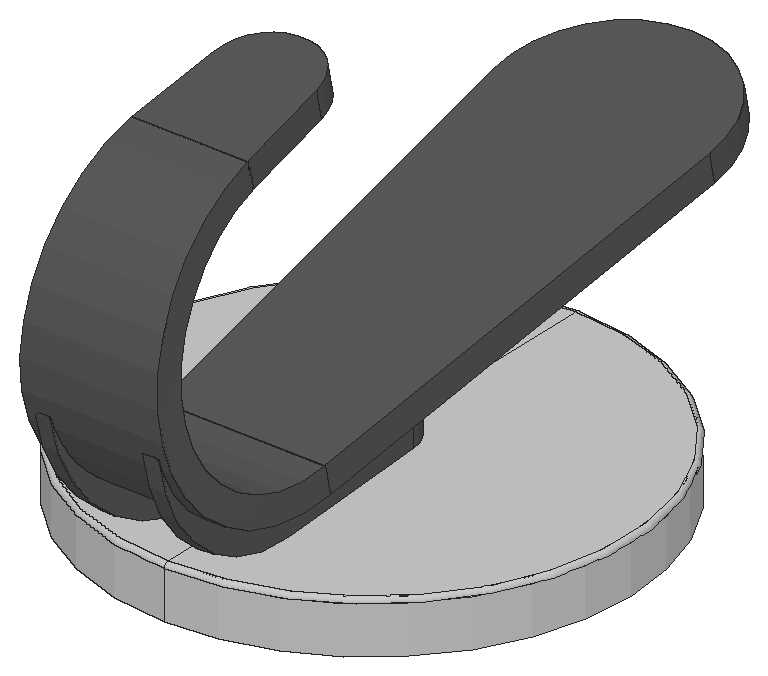
Revit family "Magnuson-KrokMagnetic-CoatHooksMagnetic+", category Furniture, host Face, Revit 2020
Family settings
  Host = Face
  Cut with Voids When Loaded = No
  Shared = No
  Room Calculation Point = No
Parameters (values of type "KROK-MA")
  URL = "www.magnusongroup.com"
  Type Comments = "Magnetic Coat Hook"  # constant formula
  Revit Model Built By = "https://servex-us.com/servex-revit/"
  Product Documentation Link = "https://magnusongroup.com/products/coathooksmagnetic/krokmagnetics.html"
  Plate Finish = MAG - Textured painted steel
  Salvage or Reuse = yes
  Percentage of Recycled Content = 0
  Model = "KROK-MA"
  Manufacturer = "Magnuson Group"  # constant formula
  Low Emitting Material = yes
  Low Emitting Finish = yes
  Keynote = "12500"
  Hook Finish = MAG - Plastic Black
  Description = "Magnetic coat hook with plastic hook. Krok has a weight capacity of 20lbs"
  Default Elevation = 48"
  Assembly Code = "E2020200"
Reference planes (in)
  plane 1 "Center (Front/Back)": y = 0
  plane 2: z = 0
  plane 3 "Center (Left/Right)": x = 0
Forms (in)
  Revolve 1, solid, material "MAG - Textured painted steel" <- "Plate Finish"
    sketch origin (0, 0, 0) x (0, 1, 0) y (0, 0, 1)
      loop
        line (0, 0) -> (1.77134, 0) -> (1.77134, 0.32308)
        arc (1.77134, 0.32308) -> (1.76219, 0.34518) -> (1.74009, 0.35433) r 0.03125
        line (1.74009, 0.35433) -> (0, 0.35433) -> (0, 0)
      axis (0, 0.35433) -> (0, 0)
    angle from 0 to 360
Dimensions and locks (in)
  nested 1 to plane 3 "Center (Left/Right)" = 0"
  locked: Revolve 1 sketch curve to plane 1 "Center (Front/Back)" at 1.77134
  locked: Revolve 1 sketch curve to plane 2 at 0.35433
  nested 1 to plane 2 = 5/32"
  locked: plane 1 "Center (Front/Back)" to nested 1 at 0.375
  aligned and locked: plane 2 to host face
  aligned and locked: level to host face
  aligned and locked: plane 3 "Center (Left/Right)" to nested 1
  aligned and locked: Revolve 1 sketch curve to plane 2
  aligned and locked: Revolve 1 sketch curve to plane 1 "Center (Front/Back)"
Nested families (in)
  nested 1: "Krok-H" at (0, -0.375, 0.15625), type "Krok-H"
Definition of nested family "Krok-H"
  Parameters (values of type "Krok-H")
    Revit Model Built By = "https://servex-us.com/servex-revit/"
    Hook Finish = none
    Default Elevation = 0"
  Reference planes (in)
    plane 1 "Center (Front/Back)": y = 0
    plane 2: z = 0
    plane 3 "Center (Left/Right)": x = 0
    plane 4: through (-0.25533, 0.41369, 48) normal (0.9976, -0.0698, 0)
  Forms (in)
    Extrusion 1, solid, material <- "Hook Finish"
      sketch origin (0, 0.13924, 0.83569) x (-1, 0, 0) y (0, 0.979611, 0.200903)
        loop
          line (-0.56268, -0.87756) -> (0.56268, -0.87756) -> (0.73901, 2.24986)
          arc (0.73901, 2.24986) -> (0, 3.03172) -> (-0.73901, 2.24986) r 0.74019
          line (-0.73901, 2.24986) -> (-0.56268, -0.87756)
      from -0.03887 to 0.15946
    Extrusion 2, solid, material <- "Hook Finish"
      sketch origin (-0.25533, 0.41369, 48) x (0.069756, 0.997564, 0) y (0, 0, 1)
        loop
          line (0, -47.26546) -> (-1.23234, -47.51984)
          arc (-1.23234, -47.51984) -> (-1.94357, -47.34077) -> (-2.39243, -46.76073) r 1.12256
          arc (-2.39243, -46.76073) -> (-1.97719, -47.50428) -> (-1.17831, -47.79936) r 1.22895
          line (-1.17831, -47.79936) -> (0, -47.79936) -> (0, -47.26546)
      from 0 to 0.10483
    Extrusion 3, solid, material <- "Hook Finish"
      sketch origin (0.25533, 0.41369, 48) x (-0.069756, 0.997564, 0) y (0, 0, -1)
        loop
          line (0, 47.26546) -> (0, 47.79936) -> (-1.17831, 47.79936)
          arc (-1.17831, 47.79936) -> (-1.97719, 47.50428) -> (-2.39243, 46.76073) r 1.22895
          arc (-2.39243, 46.76073) -> (-1.94357, 47.34077) -> (-1.23234, 47.51984) r 1.12256
          line (-1.23234, 47.51984) -> (0, 47.26546)
      from 0 to 0.10483
    Extrusion 4, solid, material <- "Hook Finish"
      sketch origin (0, 0, 0) x (1, 0, 0) y (0, 1, 0)
        loop
          line (-0.25643, 0.41377) -> (-0.15075, 0.40638) -> (0.15075, 0.40638) -> (0.25635, 0.41376)
          arc (0.25635, 0.41376) -> (-0.00004, 0.65241) -> (-0.25643, 0.41377) r 0.25705
      from 0.20064 to 0.82885
    Extrusion 5, solid, material <- "Hook Finish"
      sketch origin (0, 0.13924, 2.07006) x (-1, 0, 0) y (0, 0.979611, 0.200903)
        loop
          line (-0.39723, -1.16618) -> (0.39723, -1.16618) -> (0.34999, -0.50444)
          arc (0.34999, -0.50444) -> (0, -0.17854) -> (-0.34999, -0.50444) r 0.35088
          line (-0.34999, -0.50444) -> (-0.39723, -1.16618)
      from -0.88072 to -0.68952
    SweptBlend 6, solid, material <- "Hook Finish"
      path origin (0, 0, 0) x (0, 1, 0) y (0, 0, 1)
        loop
          arc (-1.1801, 2.69853) -> (-2.01409, 1.359) -> (-0.68839, 0.50318) r 1.12502
      profile origin (0, -1.1801, 2.69853) x (0, 0.234518, -0.972112) y (1, 0, 0)
        loop
          line (0.19108, 0.39723) -> (0, 0.39723) -> (0, -0.39723) -> (0.19108, -0.39723) -> (0.19108, 0.39723)
      end profile origin (0, -0.68839, 0.50318) x (0, -0.202548, 0.979272) y (1, 0, 0)
        loop
          line (0, 0.56268) -> (0, -0.56268) -> (0.19833, -0.56268) -> (0.19833, 0.56268) -> (0, 0.56268)
  Dimensions and locks (in)
    aligned and locked: plane 2 to level
